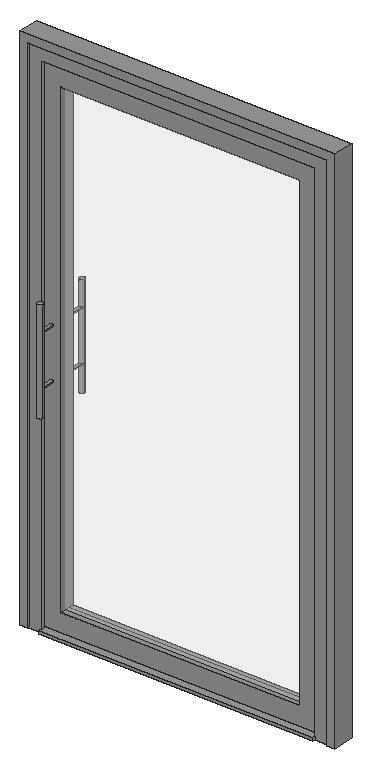
Revit family "AVLN_Дверь_Однопольная_Алюминиевая", category Двери, Revit 2021
Family settings
  Основа = Стена
  Номер OmniClass = 23.30.10.00
  Заголовок OmniClass = Doors
  Всегда вертикально = Да
  При загрузке вырезать с полостями = Нет
  Общий = Нет
  Точка принадлежности помещению = Нет
Parameters (values of type "Дверь_наружняя_левая_1240х2100")
  Ширина полотна [instance] = Width - Монтажный зазор * 2 - Коробка толщина * 2 - 10 mm  # 1010 mm
  Фрамуга = no
  Тонкая линия проема [instance] = yes
  Толщина коробки = 70 mm
  Толщина = 85 mm  # constant formula
  Тип ручки = Дв_Дверная ручка : Ручка стационарная
  Смещение проема [instance] = 0 mm
  Смещение внутрь = 10 mm
  СП1 [instance] = if(Смещение проема = 0 mm, 10 mm, 0 mm)  # 10 mm
  Ручка смещение = 10 mm  # constant formula
  Ручка высота = 1000 mm  # constant formula
  Рабочая зона = no
  Rough Width = Width - Монтажный зазор * 2  # 1180 mm
  Rough Height = Height - Монтажный зазор  # 2070 mm
  Правая = no
  Порог_наружный_смещение [instance] = 0 mm
  Порог_внутренний_смещение [instance] = 0 mm
  Порог_внутренний [instance] = no
  Порожек = yes
  Порог [instance] = no
  Определить тепловые свойства по = Тип схем
  Окрывание 30° = yes
  Монтажный зазор = 30 mm
  Материал_Рама = Аллюминиевый
  Материал_Рабочая зона = none
  Материал_Панель.Фрамуги = ADSK_Стекло_Прозрачное бесцветное
  Материал_Панель.2 = AVLN_Остекление окон и дверей
  Материал_Монтажный зазор = Монтажный зазор
  Материал_Панель.1 = AVLN_Остекление окон и дверей
  Материал_Дверной ручки = Аллюминиевый
  Левая = not(Правая)  # yes
  Коробка.Доп.Ширина = 20 mm  # constant formula
  Коробка толщина = 80 mm  # constant formula
  Type Comments = ""
  Заполнение под проемом_Видимость [instance] = if(Смещение проема = 0 mm, 1 = 0, 1 = 1)  # no
  Функция = Наружные слои
  Группа модели = "Дверь"
  Горизонтальный импост = no
  Глухое заполнение фрамуги = no
  Высота фрамуги = 450 mm
  Высота порога = 10 mm
  Высота горизонтального импоста = 750 mm
  ВФ2 = if(ВФ = 40 mm, 0 mm, 30 mm)  # 0 mm
  ВФ = if(not(Фрамуга), 40 mm, Высота фрамуги + 70 mm)  # 40 mm
  ВП = if(not(Порожек), 0 mm, Высота порога)  # 10 mm
  Height = 2100 mm
  Замыкание стены = По основе
  Width = 1240 mm
  Аналитическая конструкция = "<Нет>"
  АВЛН_Проем_Ширина [instance] = Width  # 1240 mm
  АВЛН_Проем_Высота [instance] = Height + Смещение проема  # 2100 mm
  ADSK_Примечание [instance] = ""
  ADSK_Позиция [instance] = ""
  ADSK_Площадь [instance] = 0.00 m²
  ADSK_Обозначение = "ГОСТ 23747-2015"
  ADSK_Наименование = "ДО-24-13л"
  ADSK_Масса = 0
  ADSK_Марка [instance] = "ДН4"
  ADSK_Количество [instance] = 0
  ADSK_Единица измерения [instance] = ""
  СМ = Смещение внутрь + Толщина  # 95 mm
Types (10, lengths in mm): name | Ширина полотна | Фрамуга | Толщина коробки | Смещение внутрь | Рабочая зона | Rough Width | Rough Height | Правая | Окрывание 30° | Монтажный зазор | Материал_Рама | Материал_Рабочая зона | Материал_Панель.Фрамуги | Материал_Панель.2 | Материал_Монтажный зазор | Материал_Панель.1 | Материал_Дверной ручки | Левая | Type Comments | Глухое заполнение фрамуги | ВФ2 | ВФ | Height | Width | АВЛН_Проем_Ширина | АВЛН_Проем_Высота | ADSK_Обозначение | ADSK_Наименование | ADSK_Марка | СМ
  Дверь_наружняя_левая_1240х2100 | 1010 | no | 70 | 10 | no | 1180 | 2070 | no | yes | 30 | Аллюминиевый | none | ADSK_Стекло_Прозрачное бесцветное | AVLN_Остекление окон и дверей | Монтажный зазор | AVLN_Остекление окон и дверей | Аллюминиевый | yes | "" | no | 0 | 40 | 2100 | 1240 | 1240 | 2100 | "ГОСТ 23747-2015" | "ДО-24-13л" | "ДН4" | 95
  Дверь_наружняя_правая_1240х2100 | 1030 | no | 70 | 10 | no | 1200 | 2080 | yes | yes | 20 | AVLN_Материал импоста_RAL 7024 | AVLN_Материал импоста_RAL 7024 | ADSK_Стекло_Прозрачное бесцветное | ADSK_Стекло_Прозрачное бесцветное | AVLN_Материал импоста_RAL 7024 | АВЛН_Остекление окон и дверей | AVLN_Материал импоста_RAL 7024 | no | "Двери наружные" | yes | 0 | 40 | 2100 | 1240 | 1240 | 2100 | "ГОСТ 23747-2015" | "ДО-24-13л" | "ДН4" | 95
  Дверь_наружняя_правая_1000х2100 | 890 | no | 70 | 10 | no | 1060 | 2080 | yes | yes | 20 | AVLN_Материал импоста_RAL 7024 | AVLN_Материал импоста_RAL 7024 | ADSK_Стекло_Прозрачное бесцветное | AVLN_Остекление окон и дверей | AVLN_Материал импоста_RAL 7024 | AVLN_Остекление окон и дверей | AVLN_Материал импоста_RAL 7024 | no | "" | no | 0 | 40 | 2100 | 1100 | 1100 | 2100 | "ГОСТ 23747-2015" | "ДО-24-13л" | "ДН4" | 95
  Дверь_наружняя_с фрамугой_левая_1270х2500 | 1100 | yes | 95 | 50 | yes | 1270 | 2465 | no | no | 35 | Аллюминиевый | none | ADSK_Стекло_Прозрачное бесцветное | ADSK_Стекло_Прозрачное бесцветное | Монтажный зазор | ADSK_Стекло_Прозрачное бесцветное | Аллюминиевый | yes | "" | yes | 30 | 520 | 2500 | 1340 | 1340 | 2500 | "ДАН О П Ф Оп Л Р" | "ГОСТ 23747-2015" | "" | 135
  Дверь_наружняя_левая_1270х2100 | 1100 | no | 95 | 50 | yes | 1270 | 2065 | no | no | 35 | Аллюминиевый | none | ADSK_Стекло_Прозрачное бесцветное | ADSK_Стекло_Прозрачное бесцветное | Монтажный зазор | ADSK_Стекло_Прозрачное бесцветное | Аллюминиевый | yes | "" | yes | 0 | 40 | 2100 | 1340 | 1340 | 2100 | "ДАН О П Оп Л Р" | "ГОСТ 23747-2015" | "" | 135
  Дверь_наружняя_правая_1270х2100 | 1100 | no | 95 | 50 | yes | 1270 | 2065 | yes | no | 35 | Аллюминиевый | none | ADSK_Стекло_Прозрачное бесцветное | ADSK_Стекло_Прозрачное бесцветное | Монтажный зазор | ADSK_Стекло_Прозрачное бесцветное | Аллюминиевый | no | "" | yes | 0 | 40 | 2100 | 1340 | 1340 | 2100 | "ДАН О П Оп Пр Р" | "ГОСТ 23747-2015" | "" | 135
  Дверь_наружняя_с фрамугой_правая_1270х2500 | 1100 | yes | 70 | 0 | yes | 1270 | 2465 | yes | no | 35 | Аллюминиевый | none | ADSK_Стекло_Прозрачное бесцветное | ADSK_Стекло_Прозрачное бесцветное | Монтажный зазор | ADSK_Стекло_Прозрачное бесцветное | Аллюминиевый | no | "" | yes | 30 | 520 | 2500 | 1340 | 1340 | 2500 | "ДАН О П Ф Оп Пр Р" | "ГОСТ 23747-2015" | "" | 85
  Дверь_наружняя_левая_1000х2100 | 890 | no | 70 | 10 | no | 1060 | 2080 | no | yes | 20 | AVLN_Материал импоста_RAL 7024 | AVLN_Материал импоста_RAL 7024 | AVLN_Остекление окон и дверей | AVLN_Остекление окон и дверей | AVLN_Материал импоста_RAL 7024 | АВЛН_Остекление окон и дверей | AVLN_Материал импоста_RAL 7024 | yes | "Двери наружные" | no | 0 | 40 | 2100 | 1100 | 1100 | 2100 | "ГОСТ 23747-2015" | "ДО-24-13л" | "ДН4" | 95
  Дверь_наружняя_с фрамугой_правая_1260х2400 | 1050 | yes | 70 | 10 | yes | 1220 | 2380 | yes | yes | 20 | Аллюминиевый | none | ADSK_Стекло_Прозрачное бесцветное | ADSK_Стекло_Прозрачное бесцветное | Монтажный зазор | ADSK_Стекло_Прозрачное бесцветное | Аллюминиевый | no | "" | yes | 30 | 520 | 2400 | 1260 | 1260 | 2400 | "ГОСТ 23747-2015" | "ДО-24-13" | "ДН3" | 95
  Дверь_наружняя_с фрамугой_левая_1260х2400 | 1050 | yes | 70 | 10 | yes | 1220 | 2380 | no | yes | 20 | Аллюминиевый | none | ADSK_Стекло_Прозрачное бесцветное | ADSK_Стекло_Прозрачное бесцветное | Монтажный зазор | ADSK_Стекло_Прозрачное бесцветное | Аллюминиевый | yes | "" | yes | 30 | 520 | 2400 | 1260 | 1260 | 2400 | "ГОСТ 23747-2015" | "ДО-24-13л" | "ДН4" | 95
Reference planes
  plane 1: y = 0
  plane 2 "По центру (Влево/Вправо)": x = 0
  plane 3 "Слева": x = -620
  plane 4 "Справа": x = 620
  plane 5: z = 2100
  plane 6 "Наружный": y = 150
  plane 7 "Внутренние": y = -150
  plane 8: z = 0
  plane 9: x = -590
  plane 10: x = 590
  plane 11: x = 510
  plane 12: x = -510
  plane 13: z = 2070
  plane 14: z = 1990
  plane 15 "Полотно_Н": y = 140
  plane 16 "Полотно_В": y = 55
  plane 17: z = -10
  plane 18: x = -500
  plane 19: x = 500
  plane 20: z = 1000
  plane 21: z = 1015
  plane 22: z = 1970
  plane 23: y = 1380
  plane 24: z = 1050
  plane 25 "ОТКР_Г": y = 155
  plane 26: z = 2030
  plane 27: z = 2030
  plane 28: x = 550
  plane 29: x = -550
  plane 30: z = 10
  plane 31: z = 30
  plane 32 "ОТКР_Д": y = 60
  plane 33: x = -530.2
  plane 34: x = -520
  plane 35: x = 520
  plane 36: z = 10
  plane 37: y = 150
  plane 38: y = -150
Forms (mm)
  Extrusion 1, solid, visible <- "Заполнение под проемом_Видимость", detail levels fine
    sketch origin (0, 150, 0) x (1, 0, 0) y (0, 0, 1)
      loop
        line (620, 0) -> (-620, 0) -> (-620, -10) -> (620, -10) -> (620, 0)
    from 10 to 95
  Extrusion 2, solid, material "Монтажный зазор" <- "Материал_Монтажный зазор", detail levels fine
    sketch origin (0, -150, 0) x (1, 0, 0) y (0, 0, 1)
      loop
        line (-620, 0) -> (-590, 0) -> (-590, 2070) -> (590, 2070) -> (590, 0) -> (620, 0) -> (620, 2100) -> (-620, 2100) -> (-620, 0)
    from -290 to -205
  Extrusion 3, void
    sketch origin (0, 0, 0) x (1, 0, 0) y (0, 1, 0)
      loop
        line (-620, 1380) -> (-620, 140) -> (620, 140) -> (620, 1380) -> (-620, 1380)
    from 0 to 2100
  Extrusion 4, solid, material "Аллюминиевый" <- "Материал_Рама"
    sketch origin (0, -150, 0) x (1, 0, 0) y (0, 0, 1)
      loop
        line (540, 0) -> (590, 0) -> (590, 2070) -> (-590, 2070) -> (-590, 0) -> (-540, 0) -> (-540, 2020) -> (540, 2020) -> (540, 0)
    from -290 to -210
Lines and regions (mm)
  Opening 1
    outline origin (-3050, -150, 0) x (1, 0, 0) y (0, 0, 1)
      loop
        line (2430, 0) -> (3670, 0) -> (3670, 2100) -> (2430, 2100) -> (2430, 0)
  Masking region 1, visible <- "Тонкая линия проема"
    outline origin (129.09, 39.593, 0) x (1, 0, 0) y (0, 1, 0)
      loop
        line (-728.039, 110.407) -> (-749.09, 110.407) -> (-749.09, -189.593) -> (-749.09, -199.593) -> (490.91, -199.593) -> (490.91, -189.593) -> (490.91, 110.407) -> (468.436, 110.407) -> (-728.039, 110.407)
  model lines, style "Открывание_Внутрь", visible <- "Левая"
    curve 1: line (520, 60, 2030) -> (-520, 60, 1015)
    curve 2: line (-520, 60, 1015) -> (520, 60, 30)
  model lines, style "Открывание_Внутрь", visible <- "Правая"
    curve 3: line (-520, 60, 30) -> (520, 60, 1015)
    curve 4: line (520, 60, 1015) -> (-520, 60, 2000)
  model lines, style "Открывание_Наружу", visible <- "Правая"
    curve 5: line (-550, 155, 10) -> (550, 155, 1015)
    curve 6: line (550, 155, 1015) -> (-550, 155, 2030)
  model lines, style "Открывание_Наружу", visible <- "Левая"
    curve 7: line (550, 155, 2030) -> (-550, 155, 1015)
    curve 8: line (-550, 155, 1015) -> (550, 155, 10)
  model lines, style "Рабочая зона", visible <- "Рабочая зона"
    curve 9: line (-620, 140, 0) -> (-620, 1380, 0)
    curve 10: line (-620, 1380, 0) -> (620, 1380, 0)
    curve 11: line (620, 140, 0) -> (620, 1380, 0)
  symbolic lines, style "Порог", visible <- "Порог"
    curve 12: line (-620, 150, 0) -> (620, 150, 0)
  symbolic lines, style "Порог", visible <- "Порог_внутренний"
    curve 13: line (-620, -150, 0) -> (620, -150, 0)
Text (mm)
  text "Наружный" at (-2295.016, 1099.543, 0), in view "Опорный уровень"
  text "Наружный" at (0, 1615.38, 3698.081), in view "Слева"
  text "Наружный" at (0, 1036.032, 3874.932), in view "Справа"
Dimensions and locks
  equal spacing: plane 3 "Слева", plane 2 "По центру (Влево/Вправо)", plane 4 "Справа"
  "Width": plane 3 "Слева" to plane 4 "Справа"
  host wall to plane 5 = 2564.966 mm  (x2)
  locked: plane 6 "Наружный" to host wall
  locked: plane 7 "Внутренние" to host wall
  plane 8 to level = 0 mm
  "Height": level to plane 5
  "Монтажный зазор": plane 3 "Слева" to plane 9
  "Монтажный зазор": plane 10 to plane 4 "Справа"
  "Смещение внутрь": plane 15 "Полотно_Н" to plane 6 "Наружный"
  "Толщина": plane 15 "Полотно_Н" to plane 16 "Полотно_В"
  level to plane 17 = 10 mm
  "Монтажный зазор": plane 13 to plane 5
  "Коробка толщина": plane 14 to plane 13
  "Коробка толщина": plane 12 to plane 9
  "Коробка толщина": plane 11 to plane 10
  "Смещение проема": level to plane 8
  "Ручка высота": level to plane 20
  "Ручка смещение": plane 12 to plane 18
  "Ручка смещение": plane 19 to plane 11
  equal spacing: level, plane 21, plane 26
  equal spacing: plane 7 "Внутренние", plane 1, plane 6 "Наружный"
  "Коробка.Доп.Ширина": plane 14 to plane 22
  "Width": plane 23 to plane 15 "Полотно_Н"
  plane 15 "Полотно_Н" to plane 16 "Полотно_В" = 85 mm
  locked: plane 25 "ОТКР_Г" to plane 15 "Полотно_Н" at 15
  "ВФ": plane 13 to plane 26
  equal spacing: level, plane 24, plane 5
  "ВФ2": plane 26 to plane 27
  locked: plane 10 to plane 28 at 40
  locked: plane 9 to plane 29 at 40
  locked: plane 36 to plane 30 at 0
  locked: plane 31 to plane 36 at 20
  "СМ": nested 7 to plane 6 "Наружный"
  "СП1": plane 17 to plane 8
  "Коробка толщина": plane 15 "Полотно_Н" to plane 32 "ОТКР_Д"
  locked: plane 9 to plane 34 at 70
  locked: plane 10 to plane 35 at 70
  "ВП": plane 36 to level
  "Порог_внутренний_смещение": plane 7 "Внутренние" to plane 38
  "Порог_наружный_смещение": plane 6 "Наружный" to plane 37
  aligned and locked: plane 3 "Слева" to Opening 1 sketch curve
  aligned and locked: Opening 1 sketch curve to plane 4 "Справа"
  aligned and locked: plane 1 to host wall
  aligned and locked: plane 8 to Opening 1 sketch curve
  aligned and locked: level to Extrusion 1 sketch curve
  aligned and locked: Extrusion 1 sketch curve to plane 4 "Справа"
  aligned and locked: Extrusion 1 sketch curve to host wall
  aligned and locked: Extrusion 1 to plane 16 "Полотно_В"
  aligned and locked: plane 15 "Полотно_Н" to Extrusion 1
  aligned and locked: Extrusion 1 sketch curve to plane 17
  aligned and locked: plane 5 to Opening 1 sketch curve
  aligned and locked: Extrusion 2 sketch curve to plane 4 "Справа"
  aligned and locked: Extrusion 2 sketch curve to plane 10
  aligned and locked: Extrusion 2 sketch curve to plane 5
  aligned and locked: Extrusion 2 sketch curve to plane 13
  aligned and locked: plane 3 "Слева" to Extrusion 2 sketch curve
  aligned and locked: plane 9 to Extrusion 2 sketch curve
  aligned and locked: Extrusion 2 sketch curve to level  (x2)
  aligned and locked: nested 5 to plane 4 "Справа"
  aligned and locked: nested 5 to plane 3 "Слева"
  aligned and locked: nested 5 to plane 15 "Полотно_Н"
  aligned and locked: nested 6 to plane 3 "Слева"
  aligned and locked: nested 6 to plane 4 "Справа"
  aligned and locked: plane 15 "Полотно_Н" to nested 6
  aligned and locked: plane 15 "Полотно_Н" to Extrusion 2
  aligned and locked: curve 9 to plane 3 "Слева"
  aligned and locked: curve 10 to plane 23
  aligned and locked: curve 11 to plane 4 "Справа"
  aligned and locked: plane 15 "Полотно_Н" to curve 9
  aligned and locked: plane 15 "Полотно_Н" to curve 11
  aligned and locked: Extrusion 3 sketch curve to plane 23
  aligned and locked: Extrusion 3 sketch curve to plane 3 "Слева"
  aligned and locked: Extrusion 3 sketch curve to plane 15 "Полотно_Н"
  aligned and locked: Extrusion 3 sketch curve to plane 4 "Справа"
  aligned and locked: Extrusion 3 to plane 5
  aligned and locked: Extrusion 2 to plane 16 "Полотно_В"
  aligned and locked: plane 26 to curve 1
  aligned and locked: plane 27 to curve 7
  aligned and locked: plane 29 to curve 6
  aligned and locked: plane 27 to curve 6
  aligned and locked: plane 28 to curve 8
  aligned and locked: plane 30 to curve 8
  aligned and locked: plane 29 to curve 5
  aligned and locked: plane 30 to curve 5
  aligned and locked: plane 31 to curve 3
  aligned and locked: plane 31 to curve 2
  aligned and locked: plane 28 to curve 6
  aligned and locked: plane 21 to curve 6
  aligned and locked: plane 29 to curve 8
  aligned and locked: plane 21 to curve 8
  aligned and locked: nested 1 to plane 32 "ОТКР_Д"
  aligned and locked: plane 32 "ОТКР_Д" to nested 3
  aligned and locked: nested 2 to plane 25 "ОТКР_Г"
  aligned and locked: plane 25 "ОТКР_Г" to nested 4
  aligned and locked: plane 34 to curve 2
  aligned and locked: plane 21 to curve 1
  aligned and locked: plane 35 to curve 4
  aligned and locked: plane 21 to curve 4
  aligned and locked: nested 7 to curve 4
  aligned and locked: plane 34 to curve 4
  aligned and locked: plane 35 to curve 1
  aligned and locked: nested 7 to plane 2 "По центру (Влево/Вправо)"
  aligned and locked: plane 4 "Справа" to curve 12
  aligned and locked: plane 3 "Слева" to curve 12
  aligned and locked: curve 12 to plane 37
  aligned and locked: curve 13 to plane 38
  aligned and locked: host wall to Masking region 1 sketch curve  (x4)
  aligned and locked: Extrusion 3 to host wall  (x2)
  aligned and locked: plane 23 to Extrusion 3
  aligned and locked: Extrusion 4 sketch curve to plane 8  (x2)
  aligned and locked: plane 10 to Extrusion 4 sketch curve
  aligned and locked: Extrusion 4 sketch curve to plane 9
  aligned and locked: Extrusion 4 to plane 13
  aligned and locked: nested 7 to Extrusion 4 sketch curve
  aligned and locked: Extrusion 4 sketch curve to nested 7  (x2)
  aligned and locked: plane 15 "Полотно_Н" to Extrusion 4
  aligned and locked: Extrusion 4 to plane 32 "ОТКР_Д"
  aligned and locked: nested 3 to plane 18
  aligned and locked: nested 1 to plane 19
  aligned and locked: plane 18 to nested 4
  aligned and locked: plane 19 to nested 2
Automatic sketch dimensions
  curve 13 to plane 3 "Слева" = 0 mm
  curve 13 to plane 4 "Справа" = 0 mm
  Masking region 1 sketch curve to plane 3 "Слева" = 0 mm
  Masking region 1 sketch curve to plane 4 "Справа" = 0 mm
  Masking region 1 sketch curve to plane 9 = 8.949 mm
  plane 10 to Masking region 1 sketch curve = 7.525 mm
  host wall to Masking region 1 sketch curve = 10 mm
  Masking region 1 sketch curve to plane 25 "ОТКР_Г" = 5 mm
  curve 7 to plane 28 = 0 mm
  curve 2 to plane 35 = 0 mm
  plane 34 to curve 3 = 0 mm
  Extrusion 4 sketch curve to plane 13 = 0 mm
Nested families
  nested 1: "Дв_Дверная ручка" at (500, 60, -40), visible <- "Правая", type <- "Тип ручки", type "Ручка стационарная", detail levels fine
    with Высота расположения дверной ручки 1040 mm
  nested 2: "Дв_Дверная ручка" at (500, 155, -40), visible <- "Правая", type <- "Тип ручки", type "Ручка стационарная", detail levels fine
    with Высота расположения дверной ручки 1040 mm
  nested 3: "Дв_Дверная ручка" at (-500, 60, -40) x (-1, 0, 0) z (0, 0, 1), visible <- "Левая", type <- "Тип ручки", type "Ручка стационарная", detail levels fine
    with Высота расположения дверной ручки 1040 mm
  nested 4: "Дв_Дверная ручка" at (-500, 155, -40) x (-1, 0, 0) z (0, 0, 1), visible <- "Левая", type <- "Тип ручки", type "Ручка стационарная", detail levels fine
    with Высота расположения дверной ручки 1040 mm
  nested 5: "АС-Однопольная-Обозначение на плане" at (0, 140, 0), Width <- "Width", Height <- "Rough Height", Полотно.Ширина <- "Ширина полотна", Rough Width <- "Rough Width", visible <- "Левая", Коробка.Ширина <- "Коробка.Доп.Ширина", Коробка.Толщина <- "Толщина", Толщина <- "Коробка толщина", type "АС-Стандарт"
    with Width 1240 mm, Толщина 80 mm, Rough Width 1180 mm, Полотно.Ширина 1010 mm, Коробка.Ширина 20 mm, Коробка.Толщина 85 mm, Height 2070 mm, Открывание двери 90 no, Открывание двери 30 yes, Линия открывания (дуга) no
  nested 6: "АС-Однопольная-Обозначение на плане" at (0, 140, 0) x (-1, 0, 0) z (0, 0, 1), Width <- "Width", Height <- "Rough Height", Полотно.Ширина <- "Ширина полотна", Rough Width <- "Rough Width", visible <- "Правая", Коробка.Ширина <- "Коробка.Доп.Ширина", Коробка.Толщина <- "Толщина", Толщина <- "Коробка толщина", type "АС-Стандарт"
    with Width 1240 mm, Толщина 80 mm, Rough Width 1180 mm, Полотно.Ширина 1010 mm, Коробка.Ширина 20 mm, Коробка.Толщина 85 mm, Height 2070 mm, Открывание двери 90 no, Открывание двери 30 yes, Линия открывания (дуга) no
  nested 7: "Алюминий" at (0, 55, 0) x (-1, 0, 0) z (0, 0, 1), Толщина коробки <- "Толщина коробки", type "Алюминий", detail levels fine
    with Толщина коробки 70 mm, Width 1240 mm, Фрамуга no, МЗЗ 30 mm, Height 2100 mm, ВФ2 0 mm, ВФ 250 mm
Definition of nested family "Дв_Дверная ручка"
  Parameters (values of type "Ручка нажимная")
    Ручка стационарная = no
    Ручка нажимная = yes
    Define Thermal Properties by = 1
    Материал дверной ручки = none
    Высота расположения дверной ручки [instance] = 1040 mm
    Analytic Construction = "<Нет>"
    b = 25 mm
    a = 75 mm
  Types (3, lengths in mm): name | Ручка стационарная | Ручка нажимная | Высота расположения дверной ручки | a
    (no name) | no | yes | 1040 | 75
    Ручка нажимная | no | yes | 1040 | 75
    Ручка стационарная | yes | no | 1040.051 | 74.898
  Reference planes
    plane 1 "По центру (Вперед/Назад)": y = 0
    plane 2: z = 0
    plane 3 "По центру (Влево/Вправо)": x = 0
    plane 4: z = 1040
    plane 5: x = -12.5
    plane 6: x = 12.5
    plane 7: z = 1077.5
    plane 8: z = 1002.5
    plane 9: y = -15
    plane 10: y = -55
    plane 11: z = 1240.102
    plane 12: z = 840
  Forms (mm)
    Extrusion 1, solid, material <- "Материал дверной ручки", visible <- "Ручка нажимная"
      sketch origin (0, 0, 0) x (1, 0, 0) y (0, 0, 1)
        loop
          arc (-2.5, 1077.5) -> (-9.571, 1074.571) -> (-12.5, 1067.5) r 10
          line (-12.5, 1067.5) -> (-12.5, 1012.5)
          arc (-12.5, 1012.5) -> (-9.571, 1005.429) -> (-2.5, 1002.5) r 10
          line (-2.5, 1002.5) -> (2.5, 1002.5)
          arc (2.5, 1002.5) -> (9.571, 1005.429) -> (12.5, 1012.5) r 10
          line (12.5, 1012.5) -> (12.5, 1067.5)
          arc (12.5, 1067.5) -> (9.571, 1074.571) -> (2.5, 1077.5) r 10
          line (2.5, 1077.5) -> (-2.5, 1077.5)
      from 0 to 15
    Sweep 2, solid, material <- "Материал дверной ручки", visible <- "Ручка нажимная"
      path origin (0, 0, 2080) x (0, 1, 0) y (-1, 0, 0)
        loop
          line (-15, 0) -> (-38.261, 0)
          arc (-38.261, 0) -> (-45.332, 2.929) -> (-48.261, 10) r 10
          line (-48.261, 10) -> (-48.261, 130)
      profile origin (0, -26.63, 2080) x (1, 0, 0) y (0, 0, 1)
        loop
          circle (0, -1040) r 8
    Extrusion 3, solid, material <- "Материал дверной ручки", visible <- "Ручка стационарная"
      sketch origin (0, 0, 0) x (1, 0, 0) y (0, 0, 1)
        loop
          circle (0, 1140.126) r 5
      from 0 to 55
    Extrusion 4, solid, material <- "Материал дверной ручки", visible <- "Ручка стационарная"
      sketch origin (0, 0, -200.126) x (1, 0, 0) y (0, 0, 1)
        loop
          circle (0, 1140.126) r 5
      from 0 to 55
    Extrusion 5, solid, material <- "Материал дверной ручки", visible <- "Ручка стационарная"
      sketch origin (0, 112.733, 0) x (1, 0, 0) y (0, 1, 0)
        loop
          circle (0, -167.733) r 10
      from 840 to 1240.102
  Dimensions and locks
    "Высота расположения дверной ручки": plane 4 to level
    "a": plane 7 to plane 8
    "b": plane 6 to plane 5
    equal spacing: plane 6, plane 3 "По центру (Влево/Вправо)", plane 5
    locked: plane 1 "По центру (Вперед/Назад)" to plane 9 at 15
    equal spacing: plane 7, plane 4, plane 8
    Extrusion 4 to plane 4 to Extrusion 3 = 100 mm, 100.126 mm
    plane 11 to plane 12 = 400.102 mm
    aligned and locked: level to plane 2
    aligned and locked: Extrusion 1 sketch curve to plane 7
    aligned and locked: plane 5 to Extrusion 1 sketch curve
    aligned and locked: plane 8 to Extrusion 1 sketch curve
    aligned and locked: Extrusion 1 sketch curve to plane 6
    aligned and locked: Extrusion 1 to plane 1 "По центру (Вперед/Назад)"
    aligned and locked: plane 4 to Sweep 2
    aligned and locked: plane 10 to Extrusion 3
    aligned and locked: Extrusion 4 to Extrusion 3
    aligned and locked: Extrusion 3 to plane 1 "По центру (Вперед/Назад)"
    aligned and locked: Extrusion 4 to plane 1 "По центру (Вперед/Назад)"
    aligned and locked: plane 10 to Extrusion 5
    aligned and locked: plane 11 to Extrusion 5
    aligned and locked: Extrusion 5 to plane 12
  Automatic sketch dimensions
    Extrusion 5 sketch curve to plane 3 "По центру (Влево/Вправо)" = 0 mm
    plane 10 to Extrusion 5 sketch curve = 0 mm
    Sweep 2 sketch curve to plane 3 "По центру (Влево/Вправо)" = 0 mm
    plane 9 to Sweep 2 sketch curve = 0 mm
    Sweep 2 sketch curve to plane 10 = 16.739 mm
    Sweep 2 sketch curve to plane 10 = 6.739 mm
    Sweep 2 sketch curve to Sweep 2 sketch curve = 120 mm
    profile plane to Sweep 2 sketch curve = 0 mm
    Sweep 2 sketch curve to profile plane = 1040 mm
    Extrusion 3 sketch curve to plane 3 "По центру (Влево/Вправо)" = 0 mm
    Extrusion 3 sketch curve to plane 11 = 99.976 mm
    Extrusion 4 sketch curve to plane 3 "По центру (Влево/Вправо)" = 0 mm
    Extrusion 4 sketch curve to plane 4 = 100 mm
    Extrusion 1 sketch curve to plane 3 "По центру (Влево/Вправо)" = 2.5 mm  (x2)
    plane 3 "По центру (Влево/Вправо)" to Extrusion 1 sketch curve = 2.5 mm  (x2)
    radius of Extrusion 5 sketch curve = 10 mm
    radius of Sweep 2 sketch curve = 8 mm
    radius of Extrusion 3 sketch curve = 5 mm
    radius of Extrusion 4 sketch curve = 5 mm
Definition of nested family "Алюминий"
  Parameters (values of type "Алюминий")
    Width = 1340 mm
    Фрамуга = yes
    Толщина коробки [instance] = 95 mm
    Порог = yes
    Define Thermal Properties by = 1
    МЗЗ = 35 mm
    М.Панель.Фрамуги = none
    М.Панель.2 = none
    М.Панель.1 = none
    Горизонтальный импост = no
    Глухое заполнение сверху = yes
    Высота порога = 10 mm
    Height = 2500 mm
    ВФ2 = if(not(Фрамуга), 0 mm, Высота фрамуги)  # 450 mm
    ВФ = if(ВФ2 = 0 mm, 250 mm, ВФ2 - 40 mm)  # 410 mm
    Высота фрамуги = 450 mm
    ВП2 = if(Порог, Высота порога, 0 mm)  # 10 mm
    ВП1 = 20 mm + Высота порога  # 30 mm
    БГИ = not(Горизонтальный импост)  # yes
    М.Рама = none
    ГИ = Горизонтальный импост  # no
    Высота ГИ = 750 mm
    Analytic Construction = "<Нет>"
  Reference planes
    plane 1 "По центру (Вперед/Назад)": y = 0
    plane 2: z = 0
    plane 3 "По центру (Влево/Вправо)": x = 0
    plane 4: x = -635
    plane 5: x = 635
    plane 6: z = 2465
    plane 7: y = -60
    plane 8: x = -585
    plane 9: x = 585
    plane 10: z = 2415
    plane 11: z = 1232.5
    plane 12: z = 20
    plane 13: y = -35
    plane 14: y = -55
    plane 15: x = -490
    plane 16: x = 490
    plane 17: z = 750
    plane 18: z = 760
    plane 19: z = 740
    plane 20: z = 1965
    plane 21: z = 2005
    plane 22: z = 2415
    plane 23: z = 1985
    plane 24: x = -565
    plane 25: x = 565
    plane 26: z = 2100
    plane 27: z = 2500
    plane 28: x = -670
    plane 29: x = 670
    plane 30: z = 10
    plane 31: z = 30
    plane 32: z = 1870
    plane 33: z = 115
  Forms (mm)
    Extrusion 1, solid, material <- "М.Панель.1", visible <- "БГИ", detail levels fine
      sketch origin (0, 0, 0) x (1, 0, 0) y (0, 0, 1)
        loop
          line (-490, 1870) -> (-490, 115) -> (490, 115) -> (490, 1870) -> (-490, 1870)
      from 35 to 55
    Sweep 2, solid, material <- "М.Рама", visible <- "ГИ", detail levels fine
      path origin (0, 0, 0) x (1, 0, 0) y (0, 0, 1)
        loop
          line (-490, 750) -> (490, 750)
      profile "Профиль 3 : Профиль 3" origin (0, 0, 750) x (0, 0, 1) y (0, -1, 0)
        loop
          line (-40, 15) -> (40, 15) -> (40, 35) -> (10, 35) -> (10, 55) -> (40, 55) -> (40, 75) -> (-40, 75) -> (-40, 55) -> (-10, 55) -> (-10, 35) -> (-40, 35) -> (-40, 15)
    Extrusion 3, solid, material <- "М.Панель.1", visible <- "ГИ", detail levels fine
      sketch origin (0, 0, 0) x (1, 0, 0) y (0, 0, 1)
        loop
          line (-490, 1870) -> (-490, 760) -> (490, 760) -> (490, 1870) -> (-490, 1870)
      from 35 to 55
    Extrusion 4, solid, material <- "М.Панель.2", visible <- "ГИ", detail levels fine
      sketch origin (0, 0, 0) x (1, 0, 0) y (0, 0, 1)
        loop
          line (-490, 740) -> (-490, 115) -> (490, 115) -> (490, 740) -> (-490, 740)
      from 35 to 55
    Sweep 5, solid, material <- "М.Рама", visible <- "Фрамуга", detail levels fine
      path origin (0, 0, 0) x (1, 0, 0) y (0, 0, 1)
        loop
          line (-585, 1985) -> (585, 1985)
      profile "Профиль 4 : Профиль 4" origin (0, 0, 1985) x (0, 0, 1) y (0, -1, 0)
        loop
          line (40, 0) -> (40, 15) -> (15, 15) -> (15, 60) -> (-15, 60) -> (-15, 15) -> (-40, 15) -> (-40, 0) -> (40, 0)
    Extrusion 6, solid, material <- "М.Панель.Фрамуги", visible <- "Фрамуга", detail levels fine
      sketch origin (0, 0, 0) x (1, 0, 0) y (0, 0, 1)
        loop
          line (-585, 2415) -> (-585, 2005) -> (585, 2005) -> (585, 2415) -> (-585, 2415)
      from 35 to 55
    Sweep 7, solid, material <- "М.Рама", visible <- "Порог", detail levels fine
      path origin (0, 0, 0) x (1, 0, 0) y (0, 0, 1)
        loop
          line (-585, 0) -> (585, 0)
      profile "Профиль 5 : Профиль 5" origin (0, 0, 0) x (0, 0, 1) y (0, -1, 0)
        loop
          line (0, 60) -> (0, -5) -> (10, -5) -> (15, 40) -> (30, 40) -> (30, 60) -> (0, 60)
    Extrusion 8, solid, material <- "М.Рама"
      sketch origin (0, 0, 0) x (1, 0, 0) y (0, 0, 1)
        loop
          line (-585, 1965) -> (-585, 20) -> (585, 20) -> (585, 1965) -> (-585, 1965)
        loop
          line (490, 115) -> (490, 1870) -> (-490, 1870) -> (-490, 115) -> (490, 115)
      from 15 to 75
    Extrusion 9, solid
      sketch origin (0, 0, 0) x (1, 0, 0) y (0, 0, 1)
        loop
          line (585, 0) -> (635, 0) -> (635, 2465) -> (-635, 2465) -> (-635, 0) -> (-585, 0) -> (-585, 2415) -> (585, 2415) -> (585, 0)
      from 0 to 60
  Dimensions and locks
    equal spacing: plane 4, plane 3 "По центру (Влево/Вправо)", plane 5
    "Width": plane 29 to plane 28
    "Height": plane 27 to level
    locked: plane 1 "По центру (Вперед/Назад)" to plane 7 at 60
    locked: plane 4 to plane 8 at 50
    locked: plane 5 to plane 9 at 50
    equal spacing: plane 6, plane 11, level
    locked: plane 6 to plane 10 at 50
    "ВП2": plane 2 to plane 30
    locked: plane 13 to plane 14 at 20
    locked: plane 1 "По центру (Вперед/Назад)" to plane 13 at 35
    "Толщина коробки": plane 15 to plane 8
    "Толщина коробки": plane 16 to plane 9
    "Высота ГИ": plane 17 to level
    plane 18 to plane 17 to plane 19 = 10 mm locked, 10 mm locked
    plane 22 to plane 21 = 410 mm
    locked: plane 21 to plane 20 at 40
    "ВФ": plane 22 to plane 21
    equal spacing: plane 21, plane 23, plane 20
    locked: plane 24 to plane 8 at 20
    locked: plane 25 to plane 9 at 20
    "ВФ2": plane 10 to plane 20
    locked: plane 26 to plane 21 at 95
    "МЗЗ": plane 27 to plane 6
    "МЗЗ": plane 4 to plane 28
    "МЗЗ": plane 5 to plane 29
    locked: plane 7 to plane 1 "По центру (Вперед/Назад)" at 60
    locked: plane 12 to plane 30 at 10
    locked: plane 12 to plane 31 at 10
    "Толщина коробки": plane 20 to plane 32
    "Толщина коробки": plane 33 to plane 12
    aligned and locked: level to plane 2
    aligned and locked: plane 16 to Extrusion 1 sketch curve
    aligned and locked: Extrusion 1 sketch curve to plane 15
    aligned and locked: plane 13 to Extrusion 1
    aligned and locked: Extrusion 1 to plane 14
    aligned and locked: Sweep 2 sketch curve to plane 17
    aligned and locked: Extrusion 3 sketch curve to plane 15
    aligned and locked: Extrusion 3 sketch curve to plane 18
    aligned and locked: plane 16 to Extrusion 3 sketch curve
    aligned and locked: plane 19 to Extrusion 4 sketch curve
    aligned and locked: Extrusion 4 sketch curve to plane 15
    aligned and locked: plane 16 to Extrusion 4 sketch curve
    aligned and locked: Extrusion 3 to plane 14
    aligned and locked: plane 13 to Extrusion 3
    aligned and locked: Extrusion 4 to plane 14
    aligned and locked: plane 13 to Extrusion 4
    aligned and locked: Sweep 5 sketch curve to plane 23
    aligned and locked: Sweep 7 sketch curve to level
    aligned and locked: Extrusion 6 to plane 9
    aligned and locked: plane 22 to Extrusion 6
    aligned and locked: Extrusion 6 to plane 8
    aligned and locked: Extrusion 6 to plane 21
    aligned and locked: Extrusion 8 sketch curve to plane 20
    aligned and locked: plane 8 to Extrusion 8 sketch curve
    aligned and locked: plane 15 to Extrusion 8 sketch curve
    aligned and locked: Extrusion 8 sketch curve to plane 32
    aligned and locked: plane 9 to Extrusion 8 sketch curve
    aligned and locked: plane 16 to Extrusion 8 sketch curve
    aligned and locked: Extrusion 8 sketch curve to plane 12
    aligned and locked: Extrusion 8 sketch curve to plane 33
    aligned and locked: plane 15 to Sweep 2 sketch curve
    aligned and locked: plane 16 to Sweep 2 sketch curve
    aligned and locked: plane 32 to Extrusion 3
    aligned and locked: Extrusion 3 to plane 15
    aligned and locked: Extrusion 3 to plane 16
    aligned and locked: Extrusion 3 to plane 18
    aligned and locked: Extrusion 4 to plane 19
    aligned and locked: Extrusion 4 to plane 15
    aligned and locked: plane 33 to Extrusion 4
    aligned and locked: Extrusion 4 to plane 16
    aligned and locked: plane 33 to Extrusion 1
    aligned and locked: plane 32 to Extrusion 1
    aligned and locked: level to Extrusion 9 sketch curve  (x2)
    aligned and locked: Extrusion 9 sketch curve to plane 4
    aligned and locked: Extrusion 9 sketch curve to plane 8
    aligned and locked: Extrusion 9 sketch curve to plane 6
    aligned and locked: plane 22 to Extrusion 9 sketch curve
    aligned and locked: plane 5 to Extrusion 9 sketch curve
    aligned and locked: Extrusion 9 sketch curve to plane 9
    aligned and locked: plane 9 to Sweep 7 sketch curve
    aligned and locked: plane 8 to Sweep 7 sketch curve
    aligned and locked: plane 9 to Sweep 5 sketch curve
    aligned and locked: plane 8 to Sweep 5 sketch curve
    aligned and locked: Extrusion 9 to plane 1 "По центру (Вперед/Назад)"
    aligned and locked: plane 7 to Extrusion 9
    aligned and locked: Extrusion 8 to Sweep 2  (x2)
  Automatic sketch dimensions
    Extrusion 1 sketch curve to plane 20 = 95 mm
    Extrusion 3 sketch curve to plane 20 = 95 mm
    Extrusion 6 sketch curve to plane 8 = 0 mm
    plane 9 to Extrusion 6 sketch curve = 0 mm
    Extrusion 6 sketch curve to plane 21 = 0 mm
    Extrusion 6 sketch curve to plane 10 = 0 mm
    Extrusion 1 sketch curve to plane 31 = 85 mm
    Extrusion 4 sketch curve to plane 31 = 85 mm
Definition of nested family "АС-Однопольная-Обозначение на плане"
  Parameters (values of type "АС-Стандарт")
    Полотно.Ширина [instance] = 900 mm
    Открывание двери 90 = not(Открывание двери 30)  # yes
    Открывание двери 30 = no
    Define Thermal Properties by = 1
    Линия открывания (дуга) = not(Открывание двери 30)  # yes
    Коробка.Ширина [instance] = 40 mm
    Коробка.Толщина [instance] = 80 mm
    Width [instance] = 1000 mm
    Thickness [instance] = 40 mm
    Rough Width [instance] = 960 mm
    Height [instance] = 2100 mm
    Default Elevation = 0 mm
    Analytic Construction = "<Нет>"
  Reference planes
    plane 1 "Center (Front/Back)": y = 0
    plane 2: z = 0
    plane 3 "Center (Left/Right)": x = 0
    plane 4 "Полотно.Слева": x = -480
    plane 5 "Полотно справа": x = 480
    plane 6 "Проем.Слева": x = -500
    plane 7 "Проем.Справа": x = 500
    plane 8 "Полотно. Внутренняя сторона": y = -40
    plane 9 "Коробка. Внутренняя сторона": y = -80
    plane 10 "Коробка.Внутренняя сторона слева": x = -450
    plane 11 "Коробка. Внутренняя сторона справа": x = 450
    plane 12 "2": x = -410
    plane 13 "3": x = 410
  Lines and regions (mm)
    Masking region 1, detail levels medium+fine
      outline origin (0, 0, 0) x (1, 0, 0) y (0, 1, 0)
        loop
          line (-500, -80) -> (-480, -80) -> (-480, 0) -> (-500, 0) -> (-500, -80)
    Masking region 2, detail levels medium+fine
      outline origin (0, 0, 0) x (1, 0, 0) y (0, 1, 0)
        loop
          line (500, -80) -> (500, 0) -> (480, 0) -> (480, -80) -> (500, -80)
    Masking region 3, detail levels medium+fine
      outline origin (0, 0, 0) x (1, 0, 0) y (0, 1, 0)
        loop
          line (-480, 0) -> (-480, -80) -> (-410, -80) -> (-410, -40) -> (-450, -40) -> (-450, 0) -> (-480, 0)
    Masking region 4, detail levels medium+fine
      outline origin (0, 0, 0) x (1, 0, 0) y (0, 1, 0)
        loop
          line (480, 0) -> (450, 0) -> (450, -40) -> (410, -40) -> (410, -80) -> (480, -80) -> (480, 0)
    Masking region 5, visible <- "Открывание двери 90", detail levels fine
      outline origin (0, 0, 0) x (1, 0, 0) y (0, 1, 0)
        loop
          line (450, 0) -> (450, 900) -> (410, 900) -> (410, 0) -> (450, 0)
    Masking region 6, visible <- "Открывание двери 30", detail levels fine
      outline origin (0, 0, 0) x (1, 0, 0) y (0, 1, 0)
        loop
          line (450, 0) -> (-329.423, 450) -> (-349.423, 415.359) -> (430, -34.641) -> (450, 0)
    symbolic lines, visible <- "Открывание двери 30", detail levels coarse
      curve 1: line (500, 0, 0) -> (-366.025, 500, 0)
    symbolic lines, visible <- "Открывание двери 90", detail levels coarse
      curve 2: line (500, 0, 0) -> (500, 1000, 0)
    symbolic lines, visible <- "Линия открывания (дуга)", detail levels coarse
      curve 3: arc (500, 1000, 0) -> (-207.107, 707.107, 0) -> (-500, 0, 0) r 1000
    symbolic lines, visible <- "Линия открывания (дуга)", detail levels medium+fine
      curve 4: arc (-450, 0, 0) -> (-186.396, 636.396, 0) -> (450, 900, 0) r 900
    model lines, not visible
      curve 5: line (0, 0, 0) -> (0, 0, 2100)
    symbolic lines, visible <- "Открывание двери 90", detail levels medium
      curve 6: line (450, 0, 0) -> (450, 900, 0)
    symbolic lines, visible <- "Открывание двери 30", detail levels medium
      curve 7: line (450, 0, 0) -> (-329.423, 450, 0)
  Dimensions and locks
    "Thickness": plane 1 "Center (Front/Back)" to plane 8 "Полотно. Внутренняя сторона"  (x2)
    equal spacing: plane 4 "Полотно.Слева", plane 3 "Center (Left/Right)", plane 5 "Полотно справа"
    equal spacing: plane 6 "Проем.Слева", plane 3 "Center (Left/Right)", plane 7 "Проем.Справа"
    "Width": plane 6 "Проем.Слева" to plane 7 "Проем.Справа"
    "Rough Width": plane 4 "Полотно.Слева" to plane 5 "Полотно справа"
    plane 1 "Center (Front/Back)" to plane 9 "Коробка. Внутренняя сторона" = 80 mm
    "Коробка.Толщина": plane 9 "Коробка. Внутренняя сторона" to plane 1 "Center (Front/Back)"
    equal spacing: plane 10 "Коробка.Внутренняя сторона слева", plane 3 "Center (Left/Right)", plane 11 "Коробка. Внутренняя сторона справа"
    "Полотно.Ширина": plane 10 "Коробка.Внутренняя сторона слева" to plane 11 "Коробка. Внутренняя сторона справа"
    "Width": curve 1 to curve 1
    "Width": plane 1 "Center (Front/Back)" to curve 2
    "Коробка.Ширина": plane 10 "Коробка.Внутренняя сторона слева" to Masking region 3 sketch curve
    "Коробка.Ширина": Masking region 4 sketch curve to Masking region 4 sketch curve
    "Полотно.Ширина": plane 1 "Center (Front/Back)" to Masking region 5 sketch curve
    locked: Masking region 5 sketch curve to plane 11 "Коробка. Внутренняя сторона справа" at 40
    "Полотно.Ширина": Masking region 6 sketch curve to Masking region 6 sketch curve
    Masking region 6 sketch curve to Masking region 6 sketch curve = 40 mm
    "Height": curve 5 to level
    Masking region 5 to plane 11 "Коробка. Внутренняя сторона справа" = 40 mm
    Masking region 6 to Masking region 6 = 40 mm
    "Коробка.Ширина": plane 10 "Коробка.Внутренняя сторона слева" to plane 12 "2"
    "Коробка.Ширина": plane 13 "3" to plane 11 "Коробка. Внутренняя сторона справа"
    "Width": radius of curve 3
    "Полотно.Ширина": radius of curve 4
    locked: curve 1 to plane 1 "Center (Front/Back)" (angle 30.00°)
    locked: Masking region 6 sketch curve to plane 1 "Center (Front/Back)" (angle 30.00°)
    aligned and locked: level to plane 2
    aligned and locked: plane 7 "Проем.Справа" to curve 2
    aligned and locked: plane 1 "Center (Front/Back)" to curve 2
    aligned and locked: Masking region 1 sketch curve to plane 9 "Коробка. Внутренняя сторона"
    aligned and locked: plane 6 "Проем.Слева" to Masking region 1 sketch curve
    aligned and locked: Masking region 1 sketch curve to plane 1 "Center (Front/Back)"
    aligned and locked: plane 4 "Полотно.Слева" to Masking region 1 sketch curve
    aligned and locked: plane 9 "Коробка. Внутренняя сторона" to Masking region 2 sketch curve
    aligned and locked: Masking region 2 sketch curve to plane 7 "Проем.Справа"
    aligned and locked: plane 1 "Center (Front/Back)" to Masking region 2 sketch curve
    aligned and locked: plane 5 "Полотно справа" to Masking region 2 sketch curve
    aligned and locked: Masking region 3 sketch curve to plane 4 "Полотно.Слева"
    aligned and locked: Masking region 3 sketch curve to plane 10 "Коробка.Внутренняя сторона слева"
    aligned and locked: Masking region 3 sketch curve to plane 1 "Center (Front/Back)"
    aligned and locked: Masking region 3 sketch curve to plane 9 "Коробка. Внутренняя сторона"
    aligned and locked: Masking region 3 sketch curve to plane 8 "Полотно. Внутренняя сторона"
    aligned and locked: Masking region 4 sketch curve to plane 5 "Полотно справа"
    aligned and locked: Masking region 4 sketch curve to plane 11 "Коробка. Внутренняя сторона справа"
    aligned and locked: Masking region 4 sketch curve to plane 9 "Коробка. Внутренняя сторона"
    aligned and locked: Masking region 4 sketch curve to plane 8 "Полотно. Внутренняя сторона"
    aligned and locked: Masking region 4 sketch curve to plane 1 "Center (Front/Back)"
    aligned and locked: curve 4 to Masking region 3
    aligned and locked: plane 11 "Коробка. Внутренняя сторона справа" to curve 4
    aligned and locked: Masking region 4 to Masking region 5 sketch curve
    aligned and locked: Masking region 5 sketch curve to Masking region 4
    aligned and locked: plane 11 "Коробка. Внутренняя сторона справа" to Masking region 6 sketch curve
    aligned and locked: plane 2 to curve 5
    aligned and locked: plane 3 "Center (Left/Right)" to curve 5
    aligned and locked: plane 11 "Коробка. Внутренняя сторона справа" to Masking region 5
    aligned and locked: plane 1 "Center (Front/Back)" to Masking region 5
    aligned and locked: plane 11 "Коробка. Внутренняя сторона справа" to curve 6
    aligned and locked: curve 6 to Masking region 5
    aligned and locked: plane 1 "Center (Front/Back)" to curve 7
    aligned and locked: curve 7 to Masking region 6
  Automatic sketch dimensions
    curve 1 to curve 7 = 36.603 mm
    plane 1 "Center (Front/Back)" to Masking region 6 sketch curve = 0 mm
